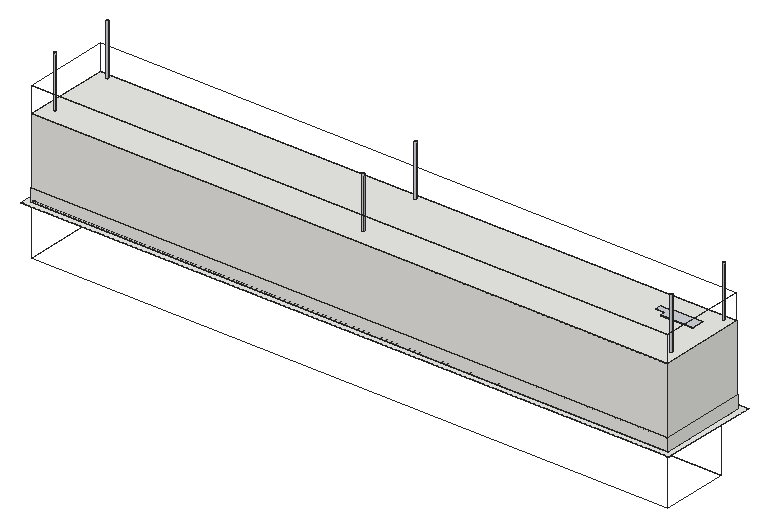
Revit family "AIRTECNICS_AIR CURTAIN_RECESSED COMPACT_AIR ONLY (A)123", category Mechanical Equipment, Revit 2016
Family settings
  Part Type = Normal
  Round Connector Dimension = Use Diameter
  OmniClass Number = 23.75.70.21.17
  OmniClass Title = Air Curtains
  Work Plane-Based = No
  Always vertical = Yes
  Cut with Voids When Loaded = No
  Shared = No
  Room Calculation Point = No
Parameters (values of type "RC ECG 2500 A")
  · POSITION · [instance] = "-/ Select Curtain Position /-"  # constant formula
  · OTHERS · [instance] = "-/ Select Supports - Inst.Maint. Space /-"  # constant formula
  · HEATING · [instance] = "-/ Select Heating /-"  # constant formula
  Weight [instance] = size_lookup(Name_Lookup_Data, "Weight", 1.00 kg, CT, CM)  # 78.00 kg
  Wall Supports (Horizontal) [instance] = no
  Voltage [instance] = 230 V  # constant formula
  URL_Manufacturer = "https://www.airtecnics.com/"
  URL_Datasheet = "https://www.airtecnics.com/download/file/1943/recessed-compact.pdf"
  Supports Length [instance] = 200.0 mm
  Supports (Horizontal) [instance] = yes
  Revit Version = "Revit 2016 - English"  # constant formula
  Review Date = "12/2018"  # constant formula
  Remote Control = "IR-AIR"  # constant formula
  URL = "https://www.airtecnics.com/products/air-curtain-recessed-compact"
  Product Size = if(L = 1000.0 mm, "1000", if(L = 1500.0 mm, "1500", if(L = 2000.0 mm, "2000", "2500")))  # "2500"
  Product Reference [instance] = size_lookup(Name_Lookup_Ref, "", "Consult Manufacturer", CT, CM)  # "RC ECG 2500 A"
  Product Heating [instance] = "Air"  # constant formula
  Product Description [instance] = size_lookup(Name_Lookup_Data, "", "-", CT, CM)  # "Compact and low profile air only recessed air curtain, with full grille view, specially designed for applications without heating.\r\nSelf-supporting casing construction made of galvanized steel plate, ready to be installed recessed in a false ceiling. \r\nInlet grille (free of maintenance) made with aluminium profiles and blow-out nozzle, integrated in a single white frame colour RAL 9016. Other colours are available on request. \r\nAnodized aluminium outlet vanes, airfoil shaped, adjustable in both directions.\r\nDouble-inlet centrifugal fans driven by an external rotor motor and low noise level. 5-speed selector. EC models assembled with very low consumption efficiency fans. \r\n“A” type without heating, air only. \r\nIncludes Plug&Play control with 7m RJ45 cable and infrared remote control. Optional: Clever control (programmable, automatic, intelligent, energy saving, Modbus RTU for BMS…)\r\nAir Volume: 6300 m3/h \r\nFans:  0,497 kW  4,34 A 230Vx1 50/60Hz\r\nDimensions: 388x310x2548 mm (depth, height, length)"
  Power Fans Factor [instance] = if(EC, 0.5, 0.98)  # 0.5
  Power Fans [instance] = size_lookup(Name_Lookup_Data, "Power Fans", 1 kW, CT, CM)  # 0.497 kW
  Noise Level (dB(A)) [instance] = size_lookup(Name_Lookup_Data, "Noise Level (dB(A))", 1, CT, CM)  # 64
  Name_Lookup_Ref = "RC_(A)_Ref_Lookup"  # constant formula
  Name_Lookup_Data = "RC_(A)_Data_Lookup"  # constant formula
  Model = "Air Curtain Recessed Compact A"  # constant formula
  Material Curtain [instance] = AIRTECNICS_White RAL 9016
  M = no
  Length = L + 48.0 mm + Depth - Depth  # 2548.0 mm
  Height = 310.0 mm  # constant formula
  G = yes
  Frequency = 50 Hz  # constant formula
  Fans Stage = 5  # constant formula
  Family Version = "1.0"  # constant formula
  EC = yes
  Depth = 388.0 mm  # constant formula
  Current Fans [instance] = size_lookup(Name_Lookup_Data, "Current Fans", 1 A, CT, CM)  # 4.34 A
  Created by = "BIMETRICAL"  # constant formula
  Control [instance] = "CA-5AW-IR"  # constant formula
  Cable = "CB7"  # constant formula
  CT [instance] = if(L = 1000.0 mm, 1, 0) + if(L = 1500.0 mm, 2, 0) + if(L = 2000.0 mm, 4, 0) + if(L = 2500.0 mm, 8, 0)  # 8
  CM = if(M, 2, 0) + if(EC, 4, 0) + if(G, 8, 0)  # 12
  Aspiration/Maintenance Space [instance] = yes
  Apparent Load [instance] = size_lookup(Name_Lookup_Data, "Apparent Load", 1 VA, CT, CM)  # 994 VA
  Airflow [instance] = size_lookup(Name_Lookup_Data, "Airflow", 1 m³/h, CT, CM)  # 6300 m³/h
  L = 2500.0 mm
  Type Image = <None>
  IfcExportType = "CENTRIFUGALFORWARDCURVED"  # constant formula
  IfcExportAs = "IfcFanType"  # constant formula
  Horizontal [instance] = 1 = 1  # yes
  Manufacturer = "AIRTECNICS"  # constant formula
  Description = ""
  Type Comments = "Compact and low profile air only recessed air curtain, with full grille view, specially designed for applications without heating.\r\nSelf-supporting casing construction made of galvanized steel plate, ready to be installed recessed in a false ceiling. \r\nInlet grille (free of maintenance) made with aluminium profiles and blow-out nozzle, integrated in a single white frame colour RAL 9016. Other colours are available on request. \r\nAnodized aluminium outlet vanes, airfoil shaped, adjustable in both directions.\r\nDouble-inlet centrifugal fans driven by an external rotor motor and low noise level. 5-speed selector. EC models assembled with very low consumption efficiency fans. \r\n“A” type without heating, air only. \r\nIncludes Plug&Play control with 7m RJ45 cable and infrared remote control. Optional: Clever control (programmable, automatic, intelligent, energy saving, Modbus RTU for BMS…)"  # constant formula
  BIMETRICAL Category = "Fan"  # constant formula
  BIMETRICAL = "http://www.bimetrical.com"  # constant formula
  A [instance] = 1 = 1  # yes
Types (16, lengths in mm): name | Weight | Product Size | Product Reference | Product Description | Power Fans Factor | Power Fans | Noise Level (dB(A)) | M | Length | G | EC | Current Fans | CT | CM | Apparent Load | Airflow | L
  RC ECG 2500 A | 78.00 kg | "2500" | "RC ECG 2500 A" | "Compact and low profile air only recessed air curtain, with full grille view, specially designed for applications without heating.\r\nSelf-supporting casing construction made of galvanized steel plate, ready to be installed recessed in a false ceiling. \r\nInlet grille (free of maintenance) made with aluminium profiles and blow-out nozzle, integrated in a single white frame colour RAL 9016. Other colours are available on request. \r\nAnodized aluminium outlet vanes, airfoil shaped, adjustable in both directions.\r\nDouble-inlet centrifugal fans driven by an external rotor motor and low noise level. 5-speed selector. EC models assembled with very low consumption efficiency fans. \r\n“A” type without heating, air only. \r\nIncludes Plug&Play control with 7m RJ45 cable and infrared remote control. Optional: Clever control (programmable, automatic, intelligent, energy saving, Modbus RTU for BMS…)\r\nAir Volume: 6300 m3/h \r\nFans:  0,497 kW  4,34 A 230Vx1 50/60Hz\r\nDimensions: 388x310x2548 mm (depth, height, length)" | 0.5 | 0.497 kW | 64 | no | 2548.0 | yes | yes | 4.34 A | 8 | 12 | 994 VA | 6300 m³/h | 2500.0
  RC ECG 2000 A | 71.00 kg | "2000" | "RC ECG 2000 A" | "Compact and low profile air only recessed air curtain, with full grille view, specially designed for applications without heating.\r\nSelf-supporting casing construction made of galvanized steel plate, ready to be installed recessed in a false ceiling. \r\nInlet grille (free of maintenance) made with aluminium profiles and blow-out nozzle, integrated in a single white frame colour RAL 9016. Other colours are available on request. \r\nAnodized aluminium outlet vanes, airfoil shaped, adjustable in both directions.\r\nDouble-inlet centrifugal fans driven by an external rotor motor and low noise level. 5-speed selector. EC models assembled with very low consumption efficiency fans. \r\n“A” type without heating, air only. \r\nIncludes Plug&Play control with 7m RJ45 cable and infrared remote control. Optional: Clever control (programmable, automatic, intelligent, energy saving, Modbus RTU for BMS…)\r\nAir Volume: 5400 m3/h \r\nFans:  0,426 kW  3,72 A 230Vx1 50/60Hz\r\nDimensions: 388x310x2048 mm (depth, height, length)" | 0.5 | 0.426 kW | 63 | no | 2048.0 | yes | yes | 3.72 A | 4 | 12 | 852 VA | 5400 m³/h | 2000.0
  RC ECG 1500 A | 56.00 kg | "1500" | "RC ECG 1500 A" | "Compact and low profile air only recessed air curtain, with full grille view, specially designed for applications without heating.\r\nSelf-supporting casing construction made of galvanized steel plate, ready to be installed recessed in a false ceiling. \r\nInlet grille (free of maintenance) made with aluminium profiles and blow-out nozzle, integrated in a single white frame colour RAL 9016. Other colours are available on request. \r\nAnodized aluminium outlet vanes, airfoil shaped, adjustable in both directions.\r\nDouble-inlet centrifugal fans driven by an external rotor motor and low noise level. 5-speed selector. EC models assembled with very low consumption efficiency fans. \r\n“A” type without heating, air only. \r\nIncludes Plug&Play control with 7m RJ45 cable and infrared remote control. Optional: Clever control (programmable, automatic, intelligent, energy saving, Modbus RTU for BMS…)\r\nAir Volume: 3600 m3/h \r\nFans:  0,284 kW  2,48 A 230Vx1 50/60Hz\r\nDimensions: 388x310x1548 mm (depth, height, length)" | 0.5 | 0.284 kW | 62 | no | 1548.0 | yes | yes | 2.48 A | 2 | 12 | 568 VA | 3600 m³/h | 1500.0
  RC ECG 1000 A | 37.00 kg | "1000" | "RC ECG 1000 A" | "Compact and low profile air only recessed air curtain, with full grille view, specially designed for applications without heating.\r\nSelf-supporting casing construction made of galvanized steel plate, ready to be installed recessed in a false ceiling. \r\nInlet grille (free of maintenance) made with aluminium profiles and blow-out nozzle, integrated in a single white frame colour RAL 9016. Other colours are available on request. \r\nAnodized aluminium outlet vanes, airfoil shaped, adjustable in both directions.\r\nDouble-inlet centrifugal fans driven by an external rotor motor and low noise level. 5-speed selector. EC models assembled with very low consumption efficiency fans. \r\n“A” type without heating, air only. \r\nIncludes Plug&Play control with 7m RJ45 cable and infrared remote control. Optional: Clever control (programmable, automatic, intelligent, energy saving, Modbus RTU for BMS…)\r\nAir Volume: 2700 m3/h \r\nFans:  0,213 kW  1,86 A 230Vx1 50/60Hz\r\nDimensions: 388x310x1048 mm (depth, height, length)" | 0.5 | 0.213 kW | 61 | no | 1048.0 | yes | yes | 1.86 A | 1 | 12 | 426 VA | 2700 m³/h | 1000.0
  RC G 2500 A | 78.00 kg | "2500" | "RC G 2500 A" | "Compact and low profile air only recessed air curtain, with full grille view, specially designed for applications without heating.\r\nSelf-supporting casing construction made of galvanized steel plate, ready to be installed recessed in a false ceiling. \r\nInlet grille (free of maintenance) made with aluminium profiles and blow-out nozzle, integrated in a single white frame colour RAL 9016. Other colours are available on request. \r\nAnodized aluminium outlet vanes, airfoil shaped, adjustable in both directions.\r\nDouble-inlet centrifugal fans driven by an external rotor motor and low noise level. 5-speed selector. \r\n“A” type without heating, air only. \r\nIncludes Plug&Play control with 7m RJ45 cable and infrared remote control. Optional: Clever control (programmable, automatic, intelligent, energy saving, Modbus RTU for BMS…)\r\nAir Volume: 5600 m3/h \r\nFans:  1,498 kW  6,65 A 230Vx1 50Hz\r\nDimensions: 388x310x2548 mm (depth, height, length)" | 0.98 | 1.498 kW | 60 | no | 2548.0 | yes | no | 6.65 A | 8 | 8 | 1529 VA | 5600 m³/h | 2500.0
  RC G 2000 A | 71.00 kg | "2000" | "RC G 2000 A" | "Compact and low profile air only recessed air curtain, with full grille view, specially designed for applications without heating.\r\nSelf-supporting casing construction made of galvanized steel plate, ready to be installed recessed in a false ceiling. \r\nInlet grille (free of maintenance) made with aluminium profiles and blow-out nozzle, integrated in a single white frame colour RAL 9016. Other colours are available on request. \r\nAnodized aluminium outlet vanes, airfoil shaped, adjustable in both directions.\r\nDouble-inlet centrifugal fans driven by an external rotor motor and low noise level. 5-speed selector. \r\n“A” type without heating, air only. \r\nIncludes Plug&Play control with 7m RJ45 cable and infrared remote control. Optional: Clever control (programmable, automatic, intelligent, energy saving, Modbus RTU for BMS…)\r\nAir Volume: 4800 m3/h \r\nFans:  1,284 kW  5,7 A 230Vx1 50Hz\r\nDimensions: 388x310x2048 mm (depth, height, length)" | 0.98 | 1.284 kW | 59 | no | 2048.0 | yes | no | 5.7 A | 4 | 8 | 1310 VA | 4800 m³/h | 2000.0
  RC G 1500 A | 55.00 kg | "1500" | "RC G 1500 A" | "Compact and low profile air only recessed air curtain, with full grille view, specially designed for applications without heating.\r\nSelf-supporting casing construction made of galvanized steel plate, ready to be installed recessed in a false ceiling. \r\nInlet grille (free of maintenance) made with aluminium profiles and blow-out nozzle, integrated in a single white frame colour RAL 9016. Other colours are available on request. \r\nAnodized aluminium outlet vanes, airfoil shaped, adjustable in both directions.\r\nDouble-inlet centrifugal fans driven by an external rotor motor and low noise level. 5-speed selector. \r\n“A” type without heating, air only. \r\nIncludes Plug&Play control with 7m RJ45 cable and infrared remote control. Optional: Clever control (programmable, automatic, intelligent, energy saving, Modbus RTU for BMS…)\r\nAir Volume: 3200 m3/h \r\nFans:  0,856 kW  3,8 A 230Vx1 50Hz\r\nDimensions: 388x310x1548 mm (depth, height, length)" | 0.98 | 0.856 kW | 58 | no | 1548.0 | yes | no | 3.8 A | 2 | 8 | 873 VA | 3200 m³/h | 1500.0
  RC G 1000 A | 37.00 kg | "1000" | "RC G 1000 A" | "Compact and low profile air only recessed air curtain, with full grille view, specially designed for applications without heating.\r\nSelf-supporting casing construction made of galvanized steel plate, ready to be installed recessed in a false ceiling. \r\nInlet grille (free of maintenance) made with aluminium profiles and blow-out nozzle, integrated in a single white frame colour RAL 9016. Other colours are available on request. \r\nAnodized aluminium outlet vanes, airfoil shaped, adjustable in both directions.\r\nDouble-inlet centrifugal fans driven by an external rotor motor and low noise level. 5-speed selector. \r\n“A” type without heating, air only. \r\nIncludes Plug&Play control with 7m RJ45 cable and infrared remote control. Optional: Clever control (programmable, automatic, intelligent, energy saving, Modbus RTU for BMS…)\r\nAir Volume: 2400 m3/h \r\nFans:  0,642 kW  2,85 A 230Vx1 50Hz\r\nDimensions: 388x310x1048 mm (depth, height, length)" | 0.98 | 0.642 kW | 57 | no | 1048.0 | yes | no | 2.85 A | 1 | 8 | 655 VA | 2400 m³/h | 1000.0
  RC ECM 2500 A | 68.00 kg | "2500" | "RC ECM 2500 A" | "Compact and low profile air only recessed air curtain, with full grille view, specially designed for applications without heating.\r\nSelf-supporting casing construction made of galvanized steel plate, ready to be installed recessed in a false ceiling. \r\nInlet grille (free of maintenance) made with aluminium profiles and blow-out nozzle, integrated in a single white frame colour RAL 9016. Other colours are available on request. \r\nAnodized aluminium outlet vanes, airfoil shaped, adjustable in both directions.\r\nDouble-inlet centrifugal fans driven by an external rotor motor and low noise level. 5-speed selector. EC models assembled with very low consumption efficiency fans. \r\n“A” type without heating, air only. \r\nIncludes Plug&Play control with 7m RJ45 cable and infrared remote control. Optional: Clever control (programmable, automatic, intelligent, energy saving, Modbus RTU for BMS…)\r\nAir Volume: 4600 m3/h \r\nFans:  0,355 kW  3,1 A 230Vx1 50/60Hz\r\nDimensions: 388x310x2548 mm (depth, height, length)" | 0.5 | 0.355 kW | 59 | yes | 2548.0 | no | yes | 3.1 A | 8 | 6 | 710 VA | 4600 m³/h | 2500.0
  RC ECM 2000 A | 61.00 kg | "2000" | "RC ECM 2000 A" | "Compact and low profile air only recessed air curtain, with full grille view, specially designed for applications without heating.\r\nSelf-supporting casing construction made of galvanized steel plate, ready to be installed recessed in a false ceiling. \r\nInlet grille (free of maintenance) made with aluminium profiles and blow-out nozzle, integrated in a single white frame colour RAL 9016. Other colours are available on request. \r\nAnodized aluminium outlet vanes, airfoil shaped, adjustable in both directions.\r\nDouble-inlet centrifugal fans driven by an external rotor motor and low noise level. 5-speed selector. EC models assembled with very low consumption efficiency fans. \r\n“A” type without heating, air only. \r\nIncludes Plug&Play control with 7m RJ45 cable and infrared remote control. Optional: Clever control (programmable, automatic, intelligent, energy saving, Modbus RTU for BMS…)\r\nAir Volume: 3680 m3/h \r\nFans:  0,284 kW  2,48 A 230Vx1 50/60Hz\r\nDimensions: 388x310x2048 mm (depth, height, length)" | 0.5 | 0.284 kW | 58 | yes | 2048.0 | no | yes | 2.48 A | 4 | 6 | 568 VA | 3680 m³/h | 2000.0
  RC ECM 1500 A | 50.00 kg | "1500" | "RC ECM 1500 A" | "Compact and low profile air only recessed air curtain, with full grille view, specially designed for applications without heating.\r\nSelf-supporting casing construction made of galvanized steel plate, ready to be installed recessed in a false ceiling. \r\nInlet grille (free of maintenance) made with aluminium profiles and blow-out nozzle, integrated in a single white frame colour RAL 9016. Other colours are available on request. \r\nAnodized aluminium outlet vanes, airfoil shaped, adjustable in both directions.\r\nDouble-inlet centrifugal fans driven by an external rotor motor and low noise level. 5-speed selector. EC models assembled with very low consumption efficiency fans. \r\n“A” type without heating, air only. \r\nIncludes Plug&Play control with 7m RJ45 cable and infrared remote control. Optional: Clever control (programmable, automatic, intelligent, energy saving, Modbus RTU for BMS…)\r\nAir Volume: 2760 m3/h \r\nFans:  0,213 kW  1,86 A 230Vx1 50/60Hz\r\nDimensions: 388x310x1548 mm (depth, height, length)" | 0.5 | 0.213 kW | 57 | yes | 1548.0 | no | yes | 1.86 A | 2 | 6 | 426 VA | 2760 m³/h | 1500.0
  RC ECM 1000 A | 33.00 kg | "1000" | "RC ECM 1000 A" | "Compact and low profile air only recessed air curtain, with full grille view, specially designed for applications without heating.\r\nSelf-supporting casing construction made of galvanized steel plate, ready to be installed recessed in a false ceiling. \r\nInlet grille (free of maintenance) made with aluminium profiles and blow-out nozzle, integrated in a single white frame colour RAL 9016. Other colours are available on request. \r\nAnodized aluminium outlet vanes, airfoil shaped, adjustable in both directions.\r\nDouble-inlet centrifugal fans driven by an external rotor motor and low noise level. 5-speed selector. EC models assembled with very low consumption efficiency fans. \r\n“A” type without heating, air only. \r\nIncludes Plug&Play control with 7m RJ45 cable and infrared remote control. Optional: Clever control (programmable, automatic, intelligent, energy saving, Modbus RTU for BMS…)\r\nAir Volume: 1840 m3/h \r\nFans:  0,142 kW  1,24 A 230Vx1 50/60Hz\r\nDimensions: 388x310x1048 mm (depth, height, length)" | 0.5 | 0.142 kW | 56 | yes | 1048.0 | no | yes | 1.24 A | 1 | 6 | 284 VA | 1840 m³/h | 1000.0
  RC M 2500 A | 68.00 kg | "2500" | "RC M 2500 A" | "Compact and low profile air only recessed air curtain, with full grille view, specially designed for applications without heating.\r\nSelf-supporting casing construction made of galvanized steel plate, ready to be installed recessed in a false ceiling. \r\nInlet grille (free of maintenance) made with aluminium profiles and blow-out nozzle, integrated in a single white frame colour RAL 9016. Other colours are available on request. \r\nAnodized aluminium outlet vanes, airfoil shaped, adjustable in both directions.\r\nDouble-inlet centrifugal fans driven by an external rotor motor and low noise level. 5-speed selector. \r\n“A” type without heating, air only. \r\nIncludes Plug&Play control with 7m RJ45 cable and infrared remote control. Optional: Clever control (programmable, automatic, intelligent, energy saving, Modbus RTU for BMS…)\r\nAir Volume: 4500 m3/h \r\nFans:  0,53 kW  2,35 A 230Vx1 50Hz\r\nDimensions: 388x310x2548 mm (depth, height, length)" | 0.98 | 0.53 kW | 58 | yes | 2548.0 | no | no | 2.35 A | 8 | 2 | 541 VA | 4500 m³/h | 2500.0
  RC M 2000 A | 61.00 kg | "2000" | "RC M 2000 A" | "Compact and low profile air only recessed air curtain, with full grille view, specially designed for applications without heating.\r\nSelf-supporting casing construction made of galvanized steel plate, ready to be installed recessed in a false ceiling. \r\nInlet grille (free of maintenance) made with aluminium profiles and blow-out nozzle, integrated in a single white frame colour RAL 9016. Other colours are available on request. \r\nAnodized aluminium outlet vanes, airfoil shaped, adjustable in both directions.\r\nDouble-inlet centrifugal fans driven by an external rotor motor and low noise level. 5-speed selector. \r\n“A” type without heating, air only. \r\nIncludes Plug&Play control with 7m RJ45 cable and infrared remote control. Optional: Clever control (programmable, automatic, intelligent, energy saving, Modbus RTU for BMS…)\r\nAir Volume: 3600 m3/h \r\nFans:  0,424 kW  1,88 A 230Vx1 50Hz\r\nDimensions: 388x310x2048 mm (depth, height, length)" | 0.98 | 0.424 kW | 57 | yes | 2048.0 | no | no | 1.88 A | 4 | 2 | 433 VA | 3600 m³/h | 2000.0
  RC M 1500 A | 50.00 kg | "1500" | "RC M 1500 A" | "Compact and low profile air only recessed air curtain, with full grille view, specially designed for applications without heating.\r\nSelf-supporting casing construction made of galvanized steel plate, ready to be installed recessed in a false ceiling. \r\nInlet grille (free of maintenance) made with aluminium profiles and blow-out nozzle, integrated in a single white frame colour RAL 9016. Other colours are available on request. \r\nAnodized aluminium outlet vanes, airfoil shaped, adjustable in both directions.\r\nDouble-inlet centrifugal fans driven by an external rotor motor and low noise level. 5-speed selector. \r\n“A” type without heating, air only. \r\nIncludes Plug&Play control with 7m RJ45 cable and infrared remote control. Optional: Clever control (programmable, automatic, intelligent, energy saving, Modbus RTU for BMS…)\r\nAir Volume: 2700 m3/h \r\nFans:  0,318 kW  1,41 A 230Vx1 50Hz\r\nDimensions: 388x310x1548 mm (depth, height, length)" | 0.98 | 0.318 kW | 56 | yes | 1548.0 | no | no | 1.41 A | 2 | 2 | 324 VA | 2700 m³/h | 1500.0
  RC M 1000 A | 33.00 kg | "1000" | "RC M 1000 A" | "Compact and low profile air only recessed air curtain, with full grille view, specially designed for applications without heating.\r\nSelf-supporting casing construction made of galvanized steel plate, ready to be installed recessed in a false ceiling. \r\nInlet grille (free of maintenance) made with aluminium profiles and blow-out nozzle, integrated in a single white frame colour RAL 9016. Other colours are available on request. \r\nAnodized aluminium outlet vanes, airfoil shaped, adjustable in both directions.\r\nDouble-inlet centrifugal fans driven by an external rotor motor and low noise level. 5-speed selector. \r\n“A” type without heating, air only. \r\nIncludes Plug&Play control with 7m RJ45 cable and infrared remote control. Optional: Clever control (programmable, automatic, intelligent, energy saving, Modbus RTU for BMS…)\r\nAir Volume: 1800 m3/h \r\nFans:  0,212 kW  0,94 A 230Vx1 50Hz\r\nDimensions: 388x310x1048 mm (depth, height, length)" | 0.98 | 0.212 kW | 55 | yes | 1048.0 | no | no | 0.94 A | 1 | 2 | 216 VA | 1800 m³/h | 1000.0
Reference planes
  plane 1 "Centro (Frontal/Posterior)": z = 0
  plane 2: y = 246.57
  plane 3 "Centro (Izquierda/Derecha)": x = 0
Dimensions and locks
  nested 1 to plane 3 "Centro (Izquierda/Derecha)" to nested 1 = 1274.0 mm, 1274.0 mm
Nested families
  nested 1: "GEOM_RECESSED COMPACT_(A)" at (0, 246.57, -1) x (-1, 0, 0) z (0, 0, 1), type "GEOM_RECESSED COMPACT_(A)"
    with Wall Supports (Horizontal) no, VSUP2 yes, VSUP1 yes, Supports (Horizontal) yes, B1 1.0 mm, B 1.0 mm
Connectors
  electrical at (1067.23, 326.163, 310), driven by "Voltage", driven by "Apparent Load", driven by "Power Fans Factor"
    settings: on nested 1, index 1, voltage 230 V, apparent load 0 VA, apparent load phase1 994 VA, apparent load phase2 0 VA, apparent load phase3 0 VA, power factor 0.5, load classification "HVAC", number of poles 1, system type 31, power factor state 1, is connector primary yes, connector utility no, sub classification motor no, connector description ""
Definition of nested family "GEOM_RECESSED COMPACT_(A)"
  Parameters (values of type "GEOM_RECESSED COMPACT_(A)")
    Wall Supports (Horizontal) = yes
    VSUP2 = if(and(Supports Length > 0.0 mm, L > 1000.0 mm, [Supports (Horizontal)]), 1 = 1, 1 = 0)  # no
    VSUP1 = if(and(Supports Length > 0.0 mm, [Supports (Horizontal)]), 1 = 1, 1 = 0)  # no
    Supports Length = 200.0 mm
    Supports (Horizontal) = no
    Revit Version = "Revit 2016 - English"  # constant formula
    Review Date = "12/2018"  # constant formula
    P2 = not(P1)  # no
    P1 = yes
    N = (L / 250.0 mm) + 1  # 11
    Model = "RECESSED COMPACT"  # constant formula
    Material Curtain = none
    Manufacturer = "AIRTECNICS"  # constant formula
    L_sup = if(Supports Length = 0.0 mm, 1.0 mm, Supports Length)  # 200.0 mm
    L2 = if(P1, 85.0 mm, L1 - (120.0 mm))  # 85.0 mm
    L1 = L + 48.0 mm  # 2548.0 mm
    L = 2500.0 mm
    Family Version = "1.0"  # constant formula
    Created by = "BIMETRICAL"  # constant formula
    C = if(L = 1000.0 mm, 227.75 mm, if(L = 1500.0 mm, 235.1 mm, 238.88 mm))  # 238.88 mm
    BIMETRICAL = "http://www.bimetrical.com/"  # constant formula
    B1 = if(and([Wall Supports (Horizontal)], not([Supports (Horizontal)]), L > 1000.0 mm), 15.0 mm, 1.0 mm)  # 15.0 mm
    B = if([Supports (Horizontal)], 1.0 mm, if(not([Wall Supports (Horizontal)]), 1.0 mm, 15.0 mm))  # 15.0 mm
    Aspiration/Maintenance Space = yes
    A1 = L - 62.0 mm  # 2438.0 mm
    A = 197.8 mm
  Reference planes
    plane 1 "Centro (Frontal/Posterior)": y = 0
    plane 2: z = 0
    plane 3 "Centro (Izquierda/Derecha)": x = 0
    plane 4: y = 194
    plane 5: y = -194
    plane 6: y = 170
    plane 7: y = -170
    plane 8: z = 310
    plane 9: z = 50
    plane 10: z = 2
    plane 11: x = -1274
    plane 12: x = -1250
    plane 13: x = 1274
    plane 14: x = 1250
    plane 15: y = -153
    plane 16: y = 104
    plane 17: x = -1210
    plane 18: x = 1210
    plane 19: y = 104
    plane 20: y = -153
    plane 21: z = 99
    plane 22: z = 292
    plane 23: x = 1210
    plane 24: x = -1210
    plane 25: y = -180
    plane 26: z = 99
    plane 27: z = 292
    plane 28: z = 15.4
    plane 29: x = -1209.5
    plane 30: x = 1209.5
  Forms (mm)
    Sweep 1, solid, material <- "Material Curtain"
      path origin (0, 0, 0) x (1, 0, 0) y (0, 1, 0)
        loop
          line (-1274, 194) -> (-1274, -194) -> (1274, -194) -> (1274, 194) -> (-1274, 194)
      profile origin (-1274, 0, 0) x (-1, 0, 0) y (0, 0, 1)
        loop
          line (0, 0) -> (0, 1) -> (-22.304, 1)
          arc (-22.304, 1) -> (-22.796, 1.204) -> (-23, 1.696) r 0.696
          line (-23, 1.696) -> (-23, 49) -> (-24, 49) -> (-24, 0) -> (0, 0)
    Extrusion 2, solid, material <- "Material Curtain"
      sketch origin (0, 0, 0) x (1, 0, 0) y (0, 1, 0)
        loop
          line (-1250, 170) -> (-1250, -170) -> (1250, -170) -> (1250, 170) -> (-1250, 170)
      from 49 to 310
    Extrusion 3, solid, visible <- "VSUP1"
      sketch origin (-1376.546, -1524, 310) x (-1, 0, 0) y (0, -1, 0)
        loop
          circle (-166.546, -1628) r 4
        loop
          circle (-166.546, -1371) r 4
        loop
          circle (-2586.546, -1371) r 4
        loop
          circle (-2586.546, -1628) r 4
      from -1 to 200
    Extrusion 4, solid, visible <- "VSUP2"
      sketch origin (-1376.546, -1524, 310) x (-1, 0, 0) y (0, -1, 0)
        loop
          circle (-1376.546, -1628) r 4
        loop
          circle (-1376.546, -1371) r 4
      from 0 to 200
    Extrusion 5, void
      sketch origin (-1802.24, -170, 1200) x (-1, 0, 0) y (0, 0, -1)
        loop
          circle (-3012.24, 908) r 4
        loop
          circle (-3012.24, 1101) r 4
        loop
          circle (-592.24, 1101) r 4
        loop
          circle (-592.24, 908) r 4
      from -5 to 10
    Extrusion 6, void
      sketch origin (0, 0, 0) x (1, 0, 0) y (0, 0, 1)
        loop
          circle (0, 292) r 4
        loop
          circle (0, 99) r 4
      from 165 to 180
    Extrusion 7, solid, material <- "Material Curtain"
      sketch origin (-1250, 311.264, 1200) x (0, 1, 0) y (0, 0, 1)
        loop
          arc (-156.332, -1197.205) -> (-152.394, -1199.315) -> (-147.989, -1200.056) r 13.8
          arc (-147.989, -1200.056) -> (-147.24, -1199.464) -> (-147.89, -1198.764) r 0.65
          arc (-147.89, -1198.764) -> (-152.168, -1198.027) -> (-155.936, -1195.87) r 12.5
          line (-155.936, -1195.87) -> (-170.938, -1184.359) -> (-170.938, -1175) -> (-172.238, -1175) -> (-172.238, -1185) -> (-156.332, -1197.205)
        loop
          arc (-391.332, -1197.205) -> (-387.394, -1199.315) -> (-382.989, -1200.056) r 13.8
          arc (-382.989, -1200.056) -> (-382.24, -1199.464) -> (-382.89, -1198.764) r 0.65
          arc (-382.89, -1198.764) -> (-387.168, -1198.027) -> (-390.936, -1195.87) r 12.5
          line (-390.936, -1195.87) -> (-405.938, -1184.359) -> (-405.938, -1175) -> (-407.248, -1175) -> (-407.248, -1154.6) -> (-410.248, -1154.6) -> (-410.248, -1200) -> (-407.248, -1200) -> (-407.238, -1185) -> (-391.332, -1197.205)
        loop
          arc (-297.332, -1197.205) -> (-293.394, -1199.315) -> (-288.989, -1200.056) r 13.8
          arc (-288.989, -1200.056) -> (-288.24, -1199.464) -> (-288.89, -1198.764) r 0.65
          arc (-288.89, -1198.764) -> (-293.168, -1198.027) -> (-296.936, -1195.87) r 12.5
          line (-296.936, -1195.87) -> (-311.938, -1184.359) -> (-311.938, -1175) -> (-313.238, -1175) -> (-313.238, -1185) -> (-297.332, -1197.205)
        loop
          arc (-367.832, -1197.205) -> (-363.894, -1199.315) -> (-359.489, -1200.056) r 13.8
          arc (-359.489, -1200.056) -> (-358.74, -1199.464) -> (-359.39, -1198.764) r 0.65
          arc (-359.39, -1198.764) -> (-363.668, -1198.027) -> (-367.436, -1195.87) r 12.5
          line (-367.436, -1195.87) -> (-382.438, -1184.359) -> (-382.438, -1175) -> (-383.738, -1175) -> (-383.738, -1185) -> (-367.832, -1197.205)
        loop
          arc (-320.832, -1197.205) -> (-316.894, -1199.315) -> (-312.489, -1200.056) r 13.8
          arc (-312.489, -1200.056) -> (-311.74, -1199.464) -> (-312.39, -1198.764) r 0.65
          arc (-312.39, -1198.764) -> (-316.668, -1198.027) -> (-320.436, -1195.87) r 12.5
          line (-320.436, -1195.87) -> (-335.438, -1184.359) -> (-335.438, -1175) -> (-336.738, -1175) -> (-336.738, -1185) -> (-320.832, -1197.205)
        loop
          arc (-226.832, -1197.205) -> (-222.894, -1199.315) -> (-218.489, -1200.056) r 13.8
          arc (-218.489, -1200.056) -> (-217.74, -1199.464) -> (-218.39, -1198.764) r 0.65
          arc (-218.39, -1198.764) -> (-222.668, -1198.027) -> (-226.436, -1195.87) r 12.5
          line (-226.436, -1195.87) -> (-241.438, -1184.359) -> (-241.438, -1175) -> (-242.738, -1175) -> (-242.738, -1185) -> (-226.832, -1197.205)
        loop
          arc (-179.832, -1197.205) -> (-175.894, -1199.315) -> (-171.489, -1200.056) r 13.8
          arc (-171.489, -1200.056) -> (-170.74, -1199.464) -> (-171.39, -1198.764) r 0.65
          arc (-171.39, -1198.764) -> (-175.668, -1198.027) -> (-179.436, -1195.87) r 12.5
          line (-179.436, -1195.87) -> (-194.438, -1184.359) -> (-194.438, -1175) -> (-195.738, -1175) -> (-195.738, -1185) -> (-179.832, -1197.205)
        loop
          arc (-344.332, -1197.205) -> (-340.394, -1199.315) -> (-335.989, -1200.056) r 13.8
          arc (-335.989, -1200.056) -> (-335.24, -1199.464) -> (-335.89, -1198.764) r 0.65
          arc (-335.89, -1198.764) -> (-340.168, -1198.027) -> (-343.936, -1195.87) r 12.5
          line (-343.936, -1195.87) -> (-358.938, -1184.359) -> (-358.938, -1175) -> (-360.238, -1175) -> (-360.238, -1185) -> (-344.332, -1197.205)
        loop
          arc (-273.832, -1197.205) -> (-269.894, -1199.315) -> (-265.489, -1200.056) r 13.8
          arc (-265.489, -1200.056) -> (-264.74, -1199.464) -> (-265.39, -1198.764) r 0.65
          arc (-265.39, -1198.764) -> (-269.668, -1198.027) -> (-273.436, -1195.87) r 12.5
          line (-273.436, -1195.87) -> (-288.438, -1184.359) -> (-288.438, -1175) -> (-289.738, -1175) -> (-289.738, -1185) -> (-273.832, -1197.205)
        loop
          arc (-250.332, -1197.205) -> (-246.394, -1199.315) -> (-241.989, -1200.056) r 13.8
          arc (-241.989, -1200.056) -> (-241.24, -1199.464) -> (-241.89, -1198.764) r 0.65
          arc (-241.89, -1198.764) -> (-246.168, -1198.027) -> (-249.936, -1195.87) r 12.5
          line (-249.936, -1195.87) -> (-264.938, -1184.359) -> (-264.938, -1175) -> (-266.238, -1175) -> (-266.238, -1185) -> (-250.332, -1197.205)
        loop
          arc (-203.332, -1197.205) -> (-199.394, -1199.315) -> (-194.989, -1200.056) r 13.8
          arc (-194.989, -1200.056) -> (-194.24, -1199.464) -> (-194.89, -1198.764) r 0.65
          arc (-194.89, -1198.764) -> (-199.168, -1198.027) -> (-202.936, -1195.87) r 12.5
          line (-202.936, -1195.87) -> (-217.938, -1184.359) -> (-217.938, -1175) -> (-219.238, -1175) -> (-219.238, -1185) -> (-203.332, -1197.205)
        loop
          line (-438.248, -1200) -> (-438.248, -1175) -> (-441.248, -1175) -> (-441.248, -1200) -> (-438.248, -1200)
        loop
          line (-422.748, -1200) -> (-422.748, -1175) -> (-425.748, -1175) -> (-425.748, -1200) -> (-422.748, -1200)
        loop
          line (-453.748, -1200) -> (-453.748, -1175) -> (-456.748, -1175) -> (-456.748, -1200) -> (-453.748, -1200)
        loop
          line (-469.243, -1200) -> (-469.243, -1184.063) -> (-469.243, -1154.6) -> (-472.243, -1154.6) -> (-472.243, -1200) -> (-469.243, -1200)
      from 0 to 2500
    Extrusion 8, solid, material <- "Material Curtain"
      sketch origin (1031.009, -1524, 15.4) x (-1, 0, 0) y (0, -1, 0)
        loop
          line (-170.491, -1689) -> (-170.491, -1356.5) -> (-178.491, -1356.5) -> (-178.491, -1689) -> (-170.491, -1689)
      from 0 to 8
    Extrusion 9, solid, material <- "Material Curtain"
      sketch origin (-1379.991, -1524, 15.4) x (-1, 0, 0) y (0, -1, 0)
        loop
          line (-170.491, -1689) -> (-170.491, -1356.5) -> (-178.491, -1356.5) -> (-178.491, -1689) -> (-170.491, -1689)
      from 0 to 8
    Extrusion 10, solid, material <- "Material Curtain"
      sketch origin (789.909, -1524, 15.4) x (-1, 0, 0) y (0, -1, 0)
        loop
          line (-170.491, -1689) -> (-170.491, -1356.5) -> (-178.491, -1356.5) -> (-178.491, -1689) -> (-170.491, -1689)
      from 0 to 8
    Extrusion 11, solid, material <- "Material Curtain"
      sketch origin (548.809, -1524, 15.4) x (-1, 0, 0) y (0, -1, 0)
        loop
          line (-170.491, -1689) -> (-170.491, -1356.5) -> (-178.491, -1356.5) -> (-178.491, -1689) -> (-170.491, -1689)
      from 0 to 8
    Extrusion 12, solid, material <- "Material Curtain"
      sketch origin (307.709, -1524, 15.4) x (-1, 0, 0) y (0, -1, 0)
        loop
          line (-170.491, -1689) -> (-170.491, -1356.5) -> (-178.491, -1356.5) -> (-178.491, -1689) -> (-170.491, -1689)
      from 0 to 8
    Extrusion 13, solid
      sketch origin (-1376.546, -1524, 310) x (-1, 0, 0) y (0, -1, 0)
        loop
          line (-331.923, -1424.272) -> (-331.923, -1428.269) -> (-368.895, -1428.269) -> (-368.895, -1451.551) -> (-331.923, -1451.551) -> (-331.923, -1473.535) -> (-204.521, -1473.535) -> (-204.521, -1424.272) -> (-331.923, -1424.272)
      from 0 to 1
    Extrusion 14, solid, visible <- "Aspiration/Maintenance Space"
      sketch origin (0, 0, 0) x (1, 0, 0) y (0, 0, 1)
        loop
          line (-1250, 310) -> (1250, 310) -> (1250, 410) -> (-1250, 410) -> (-1250, 310)
      from -170 to 170
    Extrusion 15, solid, visible <- "Aspiration/Maintenance Space"
      sketch origin (1250, 311.264, 1200) x (0, 1, 0) y (0, 0, -1)
        loop
          line (-141.264, 1200) -> (-141.264, 1400) -> (-406.264, 1400) -> (-406.264, 1200) -> (-141.264, 1200)
      from 0 to 2500
    Extrusion 16, solid, material <- "Material Curtain"
      sketch origin (66.609, -1524, 15.4) x (-1, 0, 0) y (0, -1, 0)
        loop
          line (-170.491, -1689) -> (-170.491, -1356.5) -> (-178.491, -1356.5) -> (-178.491, -1689) -> (-170.491, -1689)
      from 0 to 8
    Extrusion 17, solid, material <- "Material Curtain"
      sketch origin (-174.491, -1524, 15.4) x (-1, 0, 0) y (0, -1, 0)
        loop
          line (-170.491, -1689) -> (-170.491, -1356.5) -> (-178.491, -1356.5) -> (-178.491, -1689) -> (-170.491, -1689)
      from 0 to 8
    Extrusion 18, solid, material <- "Material Curtain"
      sketch origin (-415.591, -1524, 15.4) x (-1, 0, 0) y (0, -1, 0)
        loop
          line (-170.491, -1689) -> (-170.491, -1356.5) -> (-178.491, -1356.5) -> (-178.491, -1689) -> (-170.491, -1689)
      from 0 to 8
    Extrusion 19, solid, material <- "Material Curtain"
      sketch origin (-656.691, -1524, 15.4) x (-1, 0, 0) y (0, -1, 0)
        loop
          line (-170.491, -1689) -> (-170.491, -1356.5) -> (-178.491, -1356.5) -> (-178.491, -1689) -> (-170.491, -1689)
      from 0 to 8
    Extrusion 20, solid, material <- "Material Curtain"
      sketch origin (-897.791, -1524, 15.4) x (-1, 0, 0) y (0, -1, 0)
        loop
          line (-170.491, -1689) -> (-170.491, -1356.5) -> (-178.491, -1356.5) -> (-178.491, -1689) -> (-170.491, -1689)
      from 0 to 8
    Extrusion 21, solid, material <- "Material Curtain"
      sketch origin (-1138.891, -1524, 15.4) x (-1, 0, 0) y (0, -1, 0)
        loop
          line (-170.491, -1689) -> (-170.491, -1356.5) -> (-178.491, -1356.5) -> (-178.491, -1689) -> (-170.491, -1689)
      from 0 to 8
  Cuts and joins
    Extrusion 5, Extrusion 6 cuts Extrusion 2
  Lines and regions (mm)
    symbolic lines, visible <- "Aspiration/Maintenance Space"
      curve 1: line (-1250, 0, 310) -> (-1250, 0, 410)
      curve 2: line (-1250, 0, 410) -> (1250, 0, 410)
      curve 3: line (1250, 0, 410) -> (1250, 0, 310)
      curve 4: line (-1250, 0, -200) -> (-1250, 0, 0)
      curve 5: line (-1250, 0, -200) -> (1250, 0, -200)
      curve 6: line (1250, 0, -200) -> (1250, 0, 0)
      curve 7: line (-1250, 170, 310) -> (-1250, 170, 410)
      curve 8: line (-1250, 170, 410) -> (-1250, -170, 410)
      curve 9: line (-1250, -170, 410) -> (-1250, -170, 310)
      curve 10: line (-1250, -95, 0) -> (-1250, -95, -200)
      curve 11: line (-1250, -95, -200) -> (-1250, 170, -200)
      curve 12: line (-1250, 170, -200) -> (-1250, 170, 0)
    symbolic lines
      curve 13: line (-1274, 194, 310) -> (1274, 194, 310)
      curve 14: line (-1274, -194, 310) -> (-1274, 194, 310)
      curve 15: line (1274, -194, 310) -> (-1274, -194, 310)
      curve 16: line (1274, 194, 310) -> (1274, -194, 310)
      curve 17: line (1250, -170, 310) -> (-1250, -170, 310)
      curve 18: line (1250, 170, 310) -> (1250, -170, 310)
      curve 19: line (-1250, 170, 310) -> (1250, 170, 310)
      curve 20: line (-1250, -170, 310) -> (-1250, 170, 310)
  Dimensions and locks
    locked: plane 4 to plane 6 at 24
    locked: plane 5 to plane 7 at 24
    locked: plane 11 to plane 12 at 24
    locked: plane 13 to plane 14 at 24
    equal spacing: plane 12, plane 3 "Centro (Izquierda/Derecha)", plane 14
    "L": plane 12 to plane 14
    equal spacing: plane 4, plane 1 "Centro (Frontal/Posterior)", plane 5
    locked: plane 5 to plane 4 at 388
    locked: plane 9 to level at 50
    locked: plane 8 to level at 310
    locked: plane 7 to plane 15 at 17
    locked: plane 16 to plane 15 at 257
    locked: plane 12 to plane 17 at 40
    locked: plane 18 to plane 14 at 40
    locked: plane 20 to plane 7 at 17
    locked: plane 19 to plane 20 at 257
    "Supports Length": Extrusion 3 to plane 8
    "Supports Length": Extrusion 4 to plane 8
    locked: plane 9 to plane 21 at 49
    locked: plane 21 to plane 22 at 193
    locked: plane 23 to plane 14 at 40
    locked: plane 24 to plane 12 at 40
    locked: plane 25 to plane 7 at 10
    "B": Extrusion 5 to plane 25
    locked: plane 26 to plane 9 at 49
    locked: plane 27 to plane 26 at 193
    "B1": Extrusion 6 to plane 25
    plane 11 to plane 13 = 2548.0 mm
    locked: plane 28 to level at 15.4
    locked: Extrusion 8 sketch curve to Extrusion 8 sketch curve at 8
    locked: plane 12 to plane 29 at 40.5
    locked: plane 30 to plane 14 at 40.5
    locked: Extrusion 9 sketch curve to Extrusion 9 sketch curve at 8
    equal spacing: group 2, group 11, group 10, group 9, group 8, group 7, group 6, group 5, group 4, group 3, group 1
    equal spacing: group 1, group 3, group 4, group 5, group 6, group 7, group 8, group 9, group 10, group 11, group 2  (x2)
    locked: Extrusion 10 sketch curve to Extrusion 10 sketch curve at 8
    locked: Extrusion 11 sketch curve to Extrusion 11 sketch curve at 8
    locked: Extrusion 12 sketch curve to Extrusion 12 sketch curve at 8
    locked: Extrusion 14 sketch curve to plane 8 at 100
    locked: level to Extrusion 15 sketch curve at 200
    locked: Extrusion 15 sketch curve to plane 6 at 265
    locked: plane 6 to Extrusion 9 at 5
    locked: plane 6 to Extrusion 8 at 5
    locked: Extrusion 16 sketch curve to Extrusion 16 sketch curve at 8
    locked: Extrusion 17 sketch curve to Extrusion 17 sketch curve at 8
    locked: Extrusion 18 sketch curve to Extrusion 18 sketch curve at 8
    locked: Extrusion 19 sketch curve to Extrusion 19 sketch curve at 8
    locked: Extrusion 20 sketch curve to Extrusion 20 sketch curve at 8
    locked: Extrusion 21 sketch curve to Extrusion 21 sketch curve at 8
    aligned and locked: level to plane 2
    aligned and locked: Sweep 1 sketch curve to plane 4
    aligned and locked: plane 11 to Sweep 1 sketch curve
    aligned and locked: Sweep 1 sketch curve to plane 5
    aligned and locked: plane 13 to Sweep 1 sketch curve
    aligned and locked: Extrusion 2 sketch curve to plane 6
    aligned and locked: plane 12 to Extrusion 2 sketch curve
    aligned and locked: Extrusion 2 sketch curve to plane 7
    aligned and locked: plane 14 to Extrusion 2 sketch curve
    aligned and locked: plane 17 to Extrusion 3 sketch curve  (x2)
    aligned and locked: plane 18 to Extrusion 3 sketch curve  (x2)
    aligned and locked: Extrusion 3 sketch curve to plane 16
    aligned and locked: Extrusion 3 sketch curve to plane 15
    aligned and locked: plane 15 to Extrusion 3 sketch curve
    aligned and locked: plane 16 to Extrusion 3 sketch curve
    aligned and locked: plane 3 "Centro (Izquierda/Derecha)" to Extrusion 4 sketch curve  (x2)
    aligned and locked: plane 20 to Extrusion 4 sketch curve
    aligned and locked: plane 19 to Extrusion 4 sketch curve
    aligned and locked: plane 23 to Extrusion 5 sketch curve  (x2)
    aligned and locked: plane 21 to Extrusion 5 sketch curve
    aligned and locked: plane 22 to Extrusion 5 sketch curve
    aligned and locked: Extrusion 5 sketch curve to plane 22
    aligned and locked: plane 24 to Extrusion 5 sketch curve  (x2)
    aligned and locked: Extrusion 5 sketch curve to plane 21
    aligned and locked: Extrusion 5 to plane 25
    aligned and locked: plane 3 "Centro (Izquierda/Derecha)" to Extrusion 6 sketch curve  (x2)
    aligned and locked: plane 27 to Extrusion 6 sketch curve
    aligned and locked: plane 26 to Extrusion 6 sketch curve
    aligned and locked: Extrusion 6 to plane 25
    aligned and locked: Extrusion 7 to plane 12
    aligned and locked: Extrusion 7 to plane 14
    aligned and locked: plane 30 to Extrusion 8
    aligned and locked: plane 29 to Extrusion 9
    aligned and locked: Extrusion 14 sketch curve to cut or joined group of Extrusion 2, Extrusion 5, Extrusion 6  (x2)
    aligned and locked: Extrusion 14 sketch curve to plane 14
    aligned and locked: plane 6 to Extrusion 15 sketch curve
    aligned and locked: plane 6 to Extrusion 14
    aligned and locked: plane 7 to Extrusion 14
    aligned and locked: Extrusion 15 to plane 12
    aligned and locked: curve 3 to Extrusion 14
    aligned and locked: curve 1 to Extrusion 14
    aligned and locked: curve 4 to Extrusion 15
    aligned and locked: curve 6 to Extrusion 15
    aligned and locked: curve 17 to Sweep 1
    aligned and locked: curve 18 to Sweep 1
    aligned and locked: curve 19 to Sweep 1
    aligned and locked: curve 20 to Sweep 1
    aligned and locked: Extrusion 2 to Sweep 1
  Automatic sketch dimensions
    plane 1 "Centro (Frontal/Posterior)" to Extrusion 7 sketch curve = 160.979 mm
    Extrusion 7 sketch curve to Extrusion 7 sketch curve = 3.0 mm  (x5)
    Extrusion 7 sketch curve to plane 9 = 50.0 mm  (x5)
    Extrusion 7 sketch curve to Extrusion 7 sketch curve = 12.495 mm
    Extrusion 7 sketch curve to Extrusion 7 sketch curve = 12.5 mm  (x3)
    Extrusion 7 sketch curve to Extrusion 7 sketch curve = 15.5 mm
    Extrusion 7 sketch curve to plane 9 = 35.0 mm  (x3)
    Extrusion 7 sketch curve to Extrusion 7 sketch curve = 0.01 mm
    Extrusion 7 sketch curve to Extrusion 7 sketch curve = 1.31 mm
    Extrusion 7 sketch curve to plane 9 = 47.205 mm  (x11)
    Extrusion 7 sketch curve to Extrusion 7 sketch curve = 15.916 mm
    Extrusion 7 sketch curve to plane 9 = 45.87 mm  (x11)
    Extrusion 7 sketch curve to Extrusion 7 sketch curve = 0.397 mm  (x11)
    Extrusion 7 sketch curve to Extrusion 7 sketch curve = 7.198 mm  (x7)
    Extrusion 7 sketch curve to Extrusion 7 sketch curve = 0.801 mm  (x10)
    Extrusion 7 sketch curve to Extrusion 7 sketch curve = 0.006 mm  (x11)
    Extrusion 7 sketch curve to plane 9 = 49.414 mm  (x11)
    Extrusion 7 sketch curve to Extrusion 7 sketch curve = 8.444 mm  (x11)
    Extrusion 7 sketch curve to Extrusion 7 sketch curve = 1.3 mm  (x10)
    Extrusion 7 sketch curve to Extrusion 7 sketch curve = 15.056 mm  (x8)
    Extrusion 7 sketch curve to plane 9 = 34.359 mm  (x2)
    Extrusion 7 sketch curve to plane 6 = 171.974 mm
    Extrusion 7 sketch curve to plane 6 = 156.068 mm
    Extrusion 7 sketch curve to plane 4 = 172.474 mm
    Extrusion 7 sketch curve to plane 4 = 156.568 mm
    Extrusion 7 sketch curve to plane 4 = 148.974 mm
    Extrusion 7 sketch curve to Extrusion 7 sketch curve = 7.998 mm
    Extrusion 7 sketch curve to plane 9 = 36.264 mm  (x7)
    Extrusion 7 sketch curve to Extrusion 7 sketch curve = 1.906 mm  (x2)
    Extrusion 7 sketch curve to Extrusion 7 sketch curve = 1.264 mm  (x2)
    Extrusion 7 sketch curve to Extrusion 7 sketch curve = 0.008 mm  (x11)
    Extrusion 7 sketch curve to Extrusion 7 sketch curve = 1.257 mm  (x6)
    Extrusion 7 sketch curve to Extrusion 7 sketch curve = 0.641 mm  (x11)
    Extrusion 7 sketch curve to plane 9 = 34.063 mm
    Extrusion 7 sketch curve to Extrusion 7 sketch curve = 9.359 mm  (x11)
    Extrusion 7 sketch curve to Extrusion 7 sketch curve = 0.0 mm  (x2)
    Extrusion 7 sketch curve to Extrusion 7 sketch curve = 9.063 mm
    Extrusion 7 sketch curve to Extrusion 7 sketch curve = 20.4 mm  (x2)
    Extrusion 7 sketch curve to Extrusion 7 sketch curve = 0.101 mm  (x11)
    Extrusion 8 sketch curve to Extrusion 8 sketch curve = 332.5 mm
    Extrusion 9 sketch curve to Extrusion 9 sketch curve = 332.5 mm
    Extrusion 10 sketch curve to Extrusion 10 sketch curve = 332.5 mm
    Extrusion 11 sketch curve to Extrusion 11 sketch curve = 332.5 mm
    Extrusion 12 sketch curve to Extrusion 12 sketch curve = 332.5 mm
    Extrusion 13 sketch curve to plane 7 = 74.269 mm
    Extrusion 13 sketch curve to plane 29 = 201.849 mm
    Extrusion 13 sketch curve to Extrusion 13 sketch curve = 36.972 mm
    Extrusion 13 sketch curve to Extrusion 13 sketch curve = 0.0 mm
    Extrusion 13 sketch curve to plane 29 = 37.476 mm
    Extrusion 13 sketch curve to Extrusion 13 sketch curve = 23.282 mm
    Extrusion 13 sketch curve to Extrusion 13 sketch curve = 21.983 mm
    Extrusion 13 sketch curve to Extrusion 13 sketch curve = 49.262 mm
    Extrusion 15 sketch curve to level = 0.0 mm
    curve 4 to level = 0.0 mm
    curve 6 to level = 0.0 mm
    curve 1 to plane 8 = 0.0 mm
    curve 3 to plane 8 = 0.0 mm
    curve 4 to curve 4 = 200.0 mm
    plane 8 to curve 2 = 100.0 mm
    curve 8 to plane 7 = 0.0 mm
    curve 10 to level = 0.0 mm
    curve 7 to plane 6 = 0.0 mm
    curve 11 to plane 6 = 0.0 mm
    curve 12 to level = 0.0 mm
    curve 7 to plane 8 = 0.0 mm
    curve 9 to plane 8 = 0.0 mm
    curve 10 to plane 7 = 75.0 mm
    curve 10 to curve 10 = 200.0 mm
    plane 8 to curve 8 = 100.0 mm
    curve 13 to plane 4 = 0.0 mm
    curve 13 to plane 13 = 0.0 mm
    curve 14 to plane 11 = 0.0 mm
    plane 5 to curve 14 = 0.0 mm
    Sweep 1 sketch curve to level = 0.0 mm
    Sweep 1 sketch curve to profile plane = 0.0 mm
    level to Sweep 1 sketch curve = 1.696 mm
    profile plane to Sweep 1 sketch curve = 22.304 mm
    Sweep 1 sketch curve to Sweep 1 sketch curve = 0.696 mm
    Sweep 1 sketch curve to Sweep 1 sketch curve = 1.0 mm
    Sweep 1 sketch curve to Sweep 1 sketch curve = 47.304 mm
    Extrusion 16 sketch curve to Extrusion 16 sketch curve = 332.5 mm
    Extrusion 17 sketch curve to Extrusion 17 sketch curve = 332.5 mm
    Extrusion 18 sketch curve to Extrusion 18 sketch curve = 332.5 mm
    Extrusion 19 sketch curve to Extrusion 19 sketch curve = 332.5 mm
    Extrusion 20 sketch curve to Extrusion 20 sketch curve = 332.5 mm
    Extrusion 21 sketch curve to Extrusion 21 sketch curve = 332.5 mm
    radius of Extrusion 3 sketch curve = 4.0 mm  (x4)
    radius of Extrusion 4 sketch curve = 4.0 mm  (x2)
    radius of Extrusion 5 sketch curve = 4.0 mm  (x4)
    radius of Extrusion 6 sketch curve = 4.0 mm  (x2)
